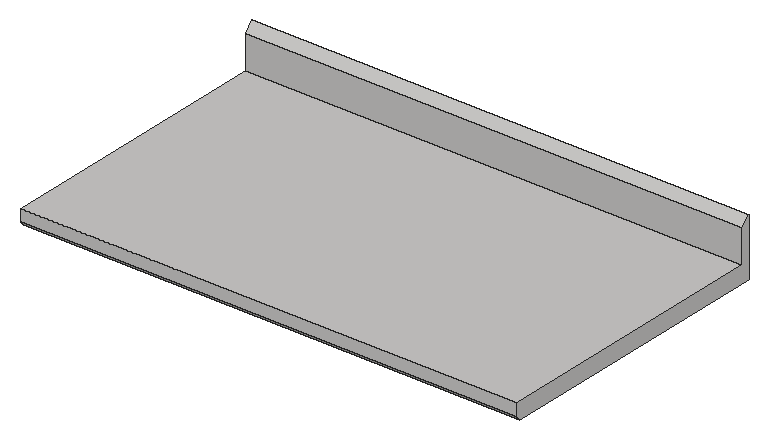
Revit family "QF_ELECTROLUXPROFESSIONAL_121138_TPLA12A", category Attrezzature speciali, Revit 2020
Family settings
  Quota connettore circolare = Usa diametro
  Tipo di parte = Normale
  Basato su piano di lavoro = No
  Sempre verticale = Sì
  Taglio con vuoti quando caricato = No
  Condiviso = No
  Punto di calcolo locali = No
Parameters (values of type "Standard")
  Weight = 41.00 kg
  Watts = 0 W
  Volts = 0 V
  URL Manufacturer = "https://www.electroluxprofessional.com/"
  URL = "https://www.electroluxprofessional.com/"
  Steam Supply Size = 0 mm
  Steam Supply Minimum Pressure = 0.0 Pa
  Steam Supply Maximum Pressure = 0.0 Pa
  Steam Consumption per Hour = 0
  Refrigeration Suction Line Size = 0.0 mm
  Refrigeration Liquid Line Size = 0.0 mm
  Refrigerant Compressor Remote = yes
  Prospetto di default = 0.0 mm
  Phase = 0
  Modello = "TPLA12A"
  Produttore = "Electrolux Professional"
  Length Actual = 1200.0 mm  # constant formula
  Item Number = "121138"
  Hot Water Size = 0 mm
  Height Actual = 140.0 mm  # constant formula
  HP = "0 HP"
  Gas Size = 0 mm
  Gas KW = 0
  Gas Input Pressure = 0 W
  Direct Waste Size = 0 mm
  Descrizione = "WORK TOP WITH UPSTAND 1200MM"
  Depth Actual = 700.0 mm  # constant formula
  Cycle = 0 Hz
  Condensate Return Size = 0 mm
  Compressed Air Volume = 0.0 L/s
  Compressed Air Size = 0 mm
  Compressed Air Pressure = 0.0 Pa
  Cold Water Size = 0 mm
  Accessory = yes
Reference planes
  plane 1 "Center (Front/Back)": y = 0
  plane 2: z = 0
  plane 3 "Center (Left/Right)": x = -100
  plane 4 "LEFT": x = -700
  plane 5 "RIGHT": x = 500
  plane 6 "BACK": y = 350
  plane 7 "FRONT": y = -350
  plane 8 "TOP": z = 1000
  plane 9: z = 900
  plane 10: z = 860
Forms (mm)
  Extrusion 1, solid, material "QF_Finishes_Stainless Steel"
    sketch origin (-100, 0, 0) x (0, 1, 0) y (0, 0, 1)
      loop
        line (350, 1000) -> (330, 980) -> (330, 900) -> (-350, 900) -> (-350, 870) -> (-340, 860) -> (350, 860) -> (350, 1000)
    from 600 to -600
Lines and regions (mm)
  symbolic lines
    curve 1: line (500, 350, 1000) -> (-700, 350, 1000)
    curve 2: line (-700, 350, 1000) -> (-700, -350, 1000)
    curve 3: line (-700, -350, 1000) -> (500, -350, 1000)
    curve 4: line (500, -350, 1000) -> (500, 350, 1000)
    curve 5: line (-700, 330, 1000) -> (500, 330, 1000)
Dimensions and locks
  plane 4 "LEFT" to plane 5 "RIGHT" = 1200.0 mm
  equal spacing: plane 4 "LEFT", plane 3 "Center (Left/Right)", plane 5 "RIGHT"
  plane 6 "BACK" to plane 7 "FRONT" = 700.0 mm
  equal spacing: plane 6 "BACK", plane 1 "Center (Front/Back)", plane 7 "FRONT"
  locked: plane 8 "TOP" to plane 9 at 100
  locked: plane 6 "BACK" to Extrusion 1 sketch curve at 20
  plane 10 to level = 860.0 mm
  plane 8 "TOP" to plane 10 = 140.0 mm
  aligned and locked: level to plane 2
  aligned and locked: Extrusion 1 to plane 4 "LEFT"
  aligned and locked: plane 5 "RIGHT" to Extrusion 1
  aligned and locked: curve 2 to plane 4 "LEFT"
  aligned and locked: Extrusion 1 sketch curve to plane 9
  aligned and locked: Extrusion 1 sketch curve to plane 6 "BACK"
  aligned and locked: plane 7 "FRONT" to Extrusion 1 sketch curve
  aligned and locked: plane 10 to Extrusion 1 sketch curve
Automatic sketch dimensions
  curve 3 to plane 7 "FRONT" = 0.0 mm
  curve 4 to plane 5 "RIGHT" = 0.0 mm
  curve 4 to plane 6 "BACK" = 0.0 mm
  curve 5 to plane 6 "BACK" = 20.0 mm
  Extrusion 1 sketch curve to plane 8 "TOP" = 0.0 mm
  Extrusion 1 sketch curve to plane 8 "TOP" = 20.0 mm
  plane 7 "FRONT" to Extrusion 1 sketch curve = 10.0 mm
  level to Extrusion 1 sketch curve = 870.0 mm
